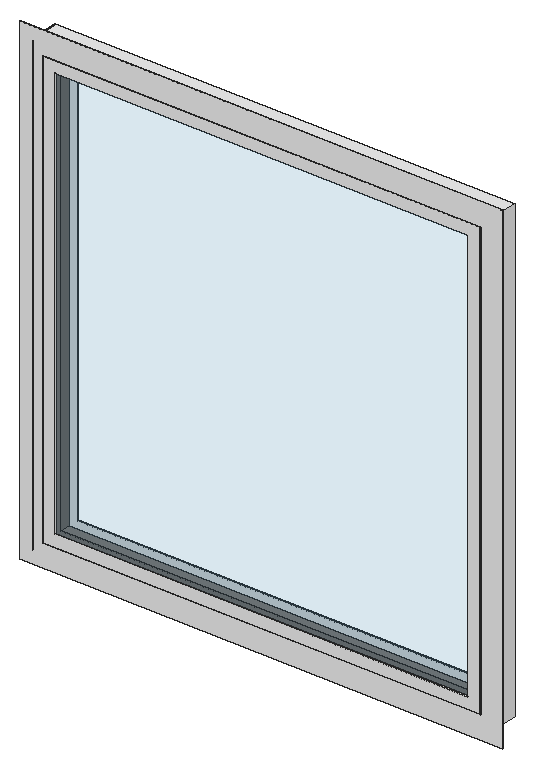
Revit family "Casement_36_E_Side_Hung_Custom", category Windows, host Wall, Revit 2014
Parameters (values of type "Casement_Sash_DG")
  Width Sash [instance] = 30 mm
  Width Sash Inner = 15 mm
  Width Bead = 15 mm
  Top Hung [instance] = yes
  Side Hung Right [instance] = yes
  Side Hung Left [instance] = yes
  Sash Opening Width [instance] = 600 mm
  Sash Opening Height [instance] = 600.312 mm
  Sash Lip = 15 mm
  Glazing Material [instance] = Glass
  DG Start Piece 2 [instance] = DG End Piece 1 + DG Gasket Thickness  # 25 mm
  DG Start Peice 1 [instance] = (Depth Sash - (2 * DG Glazing Thickness) - DG Gasket Thickness) / 2  # 6.6 mm
  Glazing Offset = 5 mm
  DG Glazing Thickness [instance] = 6.4 mm
  DG Gasket Thickness = 12 mm  # constant formula
  DG Gasket Material [instance] = Double Glazing Gasket Material
  DG End Piece 2 [instance] = DG Start Piece 2 + DG Glazing Thickness  # 31.4 mm
  DG End Piece 1 [instance] = DG Start Peice 1 + DG Glazing Thickness  # 13 mm
  Depth Sash [instance] = 38 mm
  Center Vertical Sash [instance] = Sash Opening Height / 2  # 300.156 mm
  Center Horizontal Sash [instance] = Sash Opening Width / 2  # 300 mm
  Bottom Hung [instance] = yes
  Bead Offset = 15 mm
  Aluminium Thickness = 1 mm
  Aluminium Material [instance] = White Powder Coated Aluminium
Reference planes
  plane 1 "Center (Front/Back)": y = 0
  plane 2: z = 0
  plane 3 "Center (Left/Right)": x = 0
Forms (mm)
  Sweep 1, solid, material "White Powder Coated Aluminium" <- "Aluminium Material"
    path origin (16.177, 0, 121.331) x (1, 0, 0) y (0, 0, 1)
      loop
        line (0, 0) -> (600, 0) -> (600, 600.312) -> (0, 600.312) -> (0, 0)
    profile origin (316.177, 0, 121.331) x (0, 0, 1) y (0, -1, 0)
      loop
        line (0, 0) -> (30, 0) -> (30, 1) -> (15, 1) -> (15, 38) -> (-15, 38) -> (-15, 37) -> (0, 37) -> (0, 0)
      loop
        line (14, 1) -> (14, 37) -> (1, 37) -> (1, 1) -> (14, 1)
  Sweep 2, solid, material "White Powder Coated Aluminium" <- "Aluminium Material"
    path origin (0, 0, 0) x (1, 0, 0) y (0, 0, 1)
      loop
        line (31.177, 706.643) -> (31.177, 136.331) -> (601.177, 136.331) -> (601.177, 706.643) -> (31.177, 706.643)
    profile origin (316.177, 0, 706.643) x (0, 0, 1) y (0, -1, 0)
      loop
        line (0, 37) -> (0, 38) -> (-15, 38) -> (-15, 37) -> (0, 37)
  Extrusion 3, solid, material "Glass" <- "Glazing Material"
    sketch origin (0, 0, 0) x (1, 0, 0) y (0, 0, 1)
      loop
        line (36.177, 701.643) -> (36.177, 141.331) -> (596.177, 141.331) -> (596.177, 701.643) -> (36.177, 701.643)
    from 6.6 <- "DG Start Peice 1" to 13 <- "DG End Piece 1"
  Extrusion 4, solid, material "Glass" <- "Glazing Material"
    sketch origin (0, 0, 0) x (1, 0, 0) y (0, 0, 1)
      loop
        line (36.177, 701.643) -> (36.177, 141.331) -> (596.177, 141.331) -> (596.177, 701.643) -> (36.177, 701.643)
    from 31.4 <- "DG End Piece 2" to 25 <- "DG Start Piece 2"
  Sweep 5, solid, material "Double Glazing Gasket Material" <- "DG Gasket Material"
    path origin (0, -13, 0) x (1, 0, 0) y (0, 0, 1)
      loop
        line (36.177, 701.643) -> (36.177, 141.331) -> (596.177, 141.331) -> (596.177, 701.643) -> (36.177, 701.643)
    profile origin (316.177, -13, 701.643) x (0, 0, 1) y (0, -1, 0)
      loop
        line (0, 0) -> (0, 12) -> (-7.96, 12) -> (-7.96, 0) -> (0, 0)
Lines and regions (mm)
  model lines
    curve 1: line (1.177, -38, 736.643) -> (31.177, -38, 706.643)
    curve 2: line (601.177, -38, 706.643) -> (631.177, -38, 736.643)
    curve 3: line (601.177, -38, 136.331) -> (631.177, -38, 106.331)
    curve 4: line (1.177, -38, 106.331) -> (31.177, -38, 136.331)
    curve 5: line (631.177, -37, 736.643) -> (616.177, -37, 721.643)
    curve 6: line (1.177, -37, 736.643) -> (16.177, -37, 721.643)
    curve 7: line (1.177, -37, 106.331) -> (16.177, -37, 121.331)
    curve 8: line (631.177, -37, 106.331) -> (616.177, -37, 121.331)
    curve 9: line (616.177, 0, 121.331) -> (586.177, 0, 151.331)
    curve 10: line (46.177, 0, 151.331) -> (16.177, 0, 121.331)
    curve 11: line (616.177, 0, 721.643) -> (586.177, 0, 691.643)
    curve 12: line (46.177, 0, 691.643) -> (16.177, 0, 721.643)
    curve 13: line (31.177, -38, 691.643) -> (46.177, -38, 691.643)
    curve 14: line (586.177, -38, 691.643) -> (601.177, -38, 691.643)
    curve 15: line (586.177, -38, 151.331) -> (601.177, -38, 151.331)
    curve 16: line (31.177, -38, 151.331) -> (46.177, -38, 151.331)
  model lines, style "GenericModelHiddenLines", visible <- "Top Hung"
    curve 17: line (46.386, -31.4, 690.914) -> (316.177, -31.4, 151.331)
    curve 18: line (316.177, -31.4, 151.331) -> (586.177, -31.4, 691.331)
  model lines, style "GenericModelHiddenLines", visible <- "Bottom Hung"
    curve 19: line (46.177, -31.4, 151.331) -> (316.177, -31.4, 691.331)
    curve 20: line (316.177, -31.4, 691.331) -> (586.177, -31.4, 151.331)
  model lines, style "GenericModelHiddenLines", visible <- "Side Hung Left"
    curve 21: line (46.386, -31.4, 690.914) -> (585.24, -31.4, 421.487)
    curve 22: line (585.24, -31.4, 421.487) -> (46.177, -31.4, 151.331)
  model lines, style "GenericModelHiddenLines", visible <- "Side Hung Right"
    curve 23: line (586.177, -31.4, 691.331) -> (46.177, -31.4, 421.487)
    curve 24: line (46.177, -31.4, 421.487) -> (586.177, -31.4, 151.331)
Dimensions and locks
  "Aluminium Thickness": Sweep 1 sketch curve to Sweep 1 sketch curve  (x4)
  "Depth Sash": Sweep 1 sketch curve to Sweep 1 sketch curve
  "Sash Opening Width": Sweep 1 to Sweep 1
  "Sash Opening Height": Sweep 1 to Sweep 1
  "Width Sash": Sweep 1 sketch curve to Sweep 1 sketch curve  (x2)
  "Width Sash Inner": Sweep 1 sketch curve to Sweep 1 sketch curve
  "Sash Lip": Sweep 1 sketch curve to Sweep 1 sketch curve
  "Aluminium Thickness": Sweep 1 to Sweep 2 sketch curve
  "Glazing Offset": Sweep 2 to Extrusion 3 sketch curve  (x3)
  "Glazing Offset": Extrusion 3 sketch curve to Sweep 2
  Sweep 1 to Sweep 1 = 1 mm
  "Aluminium Thickness": Sweep 2 sketch curve to Sweep 2 sketch curve
  "Width Bead": Sweep 2 sketch curve to Sweep 2 sketch curve
  locked: Sweep 5 sketch curve to Sweep 5 sketch curve at 7.96
  "Center Horizontal Sash": Sweep 1 to curve 18
  "Center Horizontal Sash": Sweep 1 to curve 20
  "Center Vertical Sash": Sweep 1 to curve 22
  "Center Vertical Sash": Sweep 1 to curve 24
  aligned and locked: level to plane 2
  aligned and locked: Sweep 1 sketch curve to Sweep 1 sketch curve  (x2)
  aligned and locked: Sweep 2 sketch curve to Sweep 1  (x5)
  aligned and locked: Extrusion 4 sketch curve to Extrusion 3  (x4)
  aligned and locked: Sweep 5 sketch curve to Extrusion 3  (x5)
  aligned and locked: Extrusion 3 to Sweep 5 sketch curve
Automatic sketch dimensions
  plane 3 "Center (Left/Right)" to Sweep 1 sketch curve = 16.177 mm
  level to Sweep 1 sketch curve = 121.331 mm
  plane 3 "Center (Left/Right)" to Sweep 1 sketch curve = 616.177 mm
  level to Sweep 1 sketch curve = 721.643 mm
  profile plane to Sweep 5 sketch curve = 12 mm
  curve 7 to Sweep 1 = 0 mm  (x4)
  curve 6 to Sweep 1 = 0 mm  (x3)
  Sweep 1 to curve 6 = 0 mm
  curve 5 to Sweep 1 = 0 mm  (x3)
  curve 8 to Sweep 1 = 0 mm  (x4)
  Sweep 1 to curve 5 = 0 mm
  curve 16 to Sweep 2 = 0 mm  (x3)
  curve 13 to Sweep 2 = 0 mm  (x3)
  curve 15 to Sweep 2 = 0 mm
  Sweep 2 to curve 15 = 0 mm  (x2)
  curve 14 to Sweep 2 = 0 mm  (x2)
  Sweep 2 to curve 14 = 0 mm
  curve 1 to Sweep 1 = 0 mm  (x4)
  curve 4 to Sweep 1 = 0 mm  (x3)
  Sweep 1 to curve 4 = 0 mm
  curve 3 to Sweep 1 = 0 mm  (x3)
  curve 2 to Sweep 1 = 0 mm  (x4)
  Sweep 1 to curve 3 = 0 mm
  curve 10 to Sweep 1 = 0 mm  (x4)
  curve 12 to Sweep 1 = 0 mm  (x3)
  Sweep 1 to curve 12 = 0 mm
  curve 9 to Sweep 1 = 0 mm  (x4)
  curve 11 to Sweep 1 = 0 mm  (x3)
  Sweep 1 to curve 11 = 0 mm
  Sweep 1 sketch curve to plane 1 "Center (Front/Back)" = 0 mm
  profile plane to Sweep 1 sketch curve = 0 mm
  curve 21 to Extrusion 4 = 10.208 mm
  curve 19 to Extrusion 4 = 10 mm
  curve 23 to Extrusion 4 = 10 mm  (x2)
  curve 22 to Extrusion 4 = 10.937 mm
  curve 20 to Extrusion 4 = 10 mm
  curve 24 to Extrusion 4 = 10 mm
  curve 22 to Extrusion 4 = 10 mm
  curve 18 to Extrusion 4 = 10 mm
  curve 21 to Extrusion 4 = 10.729 mm
  curve 19 to Extrusion 4 = 10.312 mm
  curve 18 to Extrusion 4 = 10.312 mm
